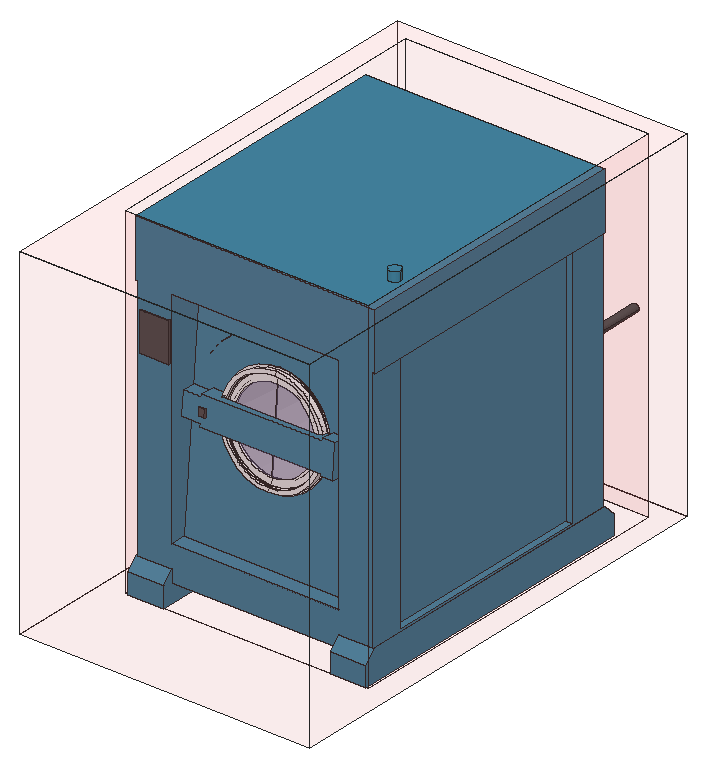
Revit family "Washer_Milnor_170lb-Capacity_42032X7R", category Mechanical Equipment, Revit 2026
Family settings
  Round Connector Dimension = Use Diameter
  Part Type = Normal
  Classification Number = 23.45.70.11.14.11
  Work Plane-Based = Yes
  Always vertical = No
  Cut with Voids When Loaded = No
  Maintain Annotation Orientation = No
  Shared = No
  Room Calculation Point = No
Parameters (values of type "4232x7Cb2014077d")
  doorgas = Door Opening + 0' 2 1/2"  # 2' - 4 1/2"
  Warranty Duration (Years) = 5
  Voltage_MEP = 44.5935 V
  Vibration Frequency = 0
  Unit Width = 5' - 2 29/32"
  Unit Weight = 4950
  Unit Height = 7' - 4 3/4"
  Unit Depth = 7' - 6 15/32"
  URL = "http://www.milnor.com/"
  Suspension Type = "Suspended"
  Standard Soap Chute = no
  Specification = "https://www.arcat.com/sd/clients/pellerin.html"
  SpecWizard = "https://www.arcat.com/specwizard/11110pmc/index04.htm"
  Send Message = "http://www.arcat.com/users.pl?action=UserEmail&company=Pellerin+Milnor+Corp.&coid=34740&rep=108&fax=504-468-3094&mf="
  Sales Information = "http://www.milnor.com/contact_us.aspx"
  Revision = "R1_08-2018"
  Product Properties = "https://www.arcat.com/arcatcos/cos34/arc34740.html"
  Product Data = "http://www.arcat.com/arcatcos/cos34/arc34740.html"
  Phase = 3
  Number of Poles = 1
  Model = "4232x7Cb2014077d"
  Manufacturer Website = "http://www.milnor.com/"
  Manufacturer Phone - Toll Free = "800-469-8780"
  Manufacturer Phone = "504-467-9591"
  Manufacturer Fax = "504-468-3094"
  Manufacturer Address = "700 Jackson St.   Kenner, LA 70062"
  Manufacturer = "Pellerin Milnor Corp"
  Maintenance Schedule (Months) = 0
  MEP Amperage = 21 A
  Keynote = "11110"
  Interior Finish [instance] = Metal - Stainless Steel - Milnor - as Specified
  Installation-Fabrication = "https://www.arcat.com/catalogs/pellerin/pellerin.html"
  Installation Phase = ""
  Green Building-LEED = "https://www.arcat.com/green/green_building.shtml"
  Frequency = 60 Hz
  Extraction G-Force = "300 Gs"
  Expected Lifespan (Years) = 12
  Dynamic Load = 0.00 kip
  Drawn By = "Sumex Design, Inc. / Robert S. Weygant, CSI, CDT, SCIP"
  Door Opening = 2' - 2"
  Door Opening Depth = 2' - 5 9/32"
  Door Glazing [instance] = Glazing - Milnor - as Specified
  Door Finish [instance] = Metal - Stainless Steel - Milnor - Powder Coat as Specified
  Clearance Visible [instance] = yes
  Cabinet Front Doodads [instance] = Paint - Milnor - Black
  Description = "Milnor Commercial Washer Extractor"
  Default Elevation = 4' - 0"
  Cylinder Volume = 0.00 CF
  Cylinder Diameter = 3' - 6"
  Cylinder Depth = 2' - 2"
  Door Base from FF = 2' - 7 215/256"
  Copyright = "©Arcat Inc."
  Construction Details = "https://www.arcat.com/catalogs/pellerin/pellerin.html"
  Capacity = "170 lb"
  Cabinet Finish [instance] = Paint - Milnor - Blue
  Assembly Code = "E1010610"
  5 Compartment Supply = yes
Reference planes (in)
  plane 1 "Center (Front/Back)": y = 0
  plane 2 "Bottom": z = 0
  plane 3 "Center (Left/Right)": x = 0
  plane 4 "Front": y = -42.23438
  plane 5 "Left": x = -31.45312
  plane 6 "Right": x = 31.45313
  plane 7 "Top": z = 88.75
  plane 8: y = -68.76563
  plane 9 "Y": y = -39.48438
  plane 10: z = 45
  plane 11: y = 48.23437
  plane 12: y = 37.76562
  plane 13: x = -30.75
  plane 14: y = 7.95881
  plane 15: y = -23.3125
  plane 16: y = 16.16186
  plane 17: y = 16.28686
  plane 18: y = -9
  plane 19: y = -9.125
  plane 20: y = 6.96486
  plane 21: y = -0.53514
Forms (in)
  Extrusion 1, solid, material "Paint - Milnor - Blue" <- "Cabinet Finish"
    sketch origin (0, -5.07467, 0) x (0, 1, 0) y (0, 0, 1)
      loop
        line (-37.15971, 0) -> (42.84029, 0) -> (42.84029, 5.17157) -> (40.01187, 8) -> (-34.33128, 8) -> (-37.15971, 5.17157) -> (-37.15971, 0)
    from 21.5625 to 30.75
  Extrusion 2, solid, material "Paint - Milnor - Blue" <- "Cabinet Finish"
    sketch origin (0, -5.07467, 0) x (0, 1, 0) y (0, 0, -1)
      loop
        line (-37.15971, 0) -> (-37.15971, -5.17157) -> (-34.33128, -8) -> (40.01187, -8) -> (42.84029, -5.17157) -> (42.84029, 0) -> (-37.15971, 0)
    from 21.5625 to 30.75
  Extrusion 3, solid, material "Paint - Milnor - Blue" <- "Cabinet Finish"
    sketch origin (0, -5.07467, 0) x (1, 0, 0) y (0, 0, 1)
      loop
        line (-30.95313, 86.49195) -> (-30.95313, 71.62475) -> (-30.38728, 71.62475) -> (-30.38728, 4.75) -> (30.41865, 4.75) -> (30.41865, 71.62475) -> (30.95312, 71.62475) -> (30.95312, 86.49195) -> (-30.95313, 86.49195)
      loop
        line (-21.72873, 71.62475) -> (-21.72873, 13.75) -> (21.52127, 13.75) -> (21.52127, 71.62475) -> (-21.72873, 71.62475)
    from -39.80904 to 34.4375
  Extrusion 4, solid, material "Paint - Milnor - Blue" <- "Cabinet Finish"
    sketch origin (0, -5.07467, 0) x (0, 1, 0) y (0, 0, 1)
      loop
        line (-31.06823, 6.82843) -> (39.31553, 6.82843) -> (39.31553, 15.82843) -> (36.37255, 15.82843) -> (36.37255, 71.62475) -> (-25.39929, 71.62475) -> (-31.06823, 6.82843)
    from -21.72873 to 21.52127
  Extrusion 5, void
    sketch origin (30.41865, -5.07467, 54.60752) x (0, 0, 1) y (0, 1, 0)
      loop
        line (16.63443, -25.6875) -> (16.63443, 30.18558) -> (-46.375, 30.18558) -> (-46.375, -25.6875) -> (16.63443, -25.6875)
    from 2 to 0
  Extrusion 6, void
    sketch origin (-30.38728, -5.07467, 54.60752) x (0, 0, 1) y (0, -1, 0)
      loop
        line (16.63443, 25.6875) -> (-46.375, 25.6875) -> (-46.375, -30.18558) -> (16.63443, -30.18558) -> (16.63443, 25.6875)
    from 2 to 0
  Extrusion 7, solid, material "Metal - Stainless Steel - Milnor - Powder Coat as Specified" <- "Door Finish"
    sketch origin (0, -36.07369, 7.61948) x (0, 0.087156, 0.996195) y (-1, 0, 0)
      loop
        circle (37.42799, 0) r 14
    from 0 to 0.25
  Revolve 8, void
    sketch origin (0, -6.82467, 0.0625) x (0, 1, 0) y (0, 0, 1)
      loop
        line (-28.33485, 45.25517) -> (6.65641, 42.19383) -> (8.48668, 63.11392) -> (-23.39155, 65.90291) -> (-24.0888, 57.93335) -> (-27.20183, 58.2057) -> (-28.33485, 45.25517)
      axis (-28.33485, 45.25517) -> (6.65641, 42.19383)
    angle from 0 to 360
  Extrusion 9, solid, material "Paint - Milnor - Black" <- "Cabinet Front Doodads"
    sketch origin (0, -39.51217, 0) x (1, 0, 0) y (0, 0, 1)
      loop
        line (-29.75, 65.37475) -> (-29.75, 55.20166) -> (-22.25, 55.20166) -> (-22.25, 65.37475) -> (-29.75, 65.37475)
    from 0 to 0.33794
  Extrusion 10, solid, material "Paint - Milnor - Blue" <- "Cabinet Finish"
    sketch origin (0, -5.07467, 0) x (1, 0, 0) y (0, 1, 0)
      loop
        circle (26, -21.90971) r 1.5
    from 86.49195 to 88.75
  Revolve 11, solid, material "Metal - Stainless Steel - Milnor - Powder Coat as Specified" <- "Door Finish"
    sketch origin (0, -5.07467, 0.75) x (0, 1, 0) y (0, 0, 1)
      loop
        line (-26.81448, 56.40807) -> (-27.27243, 56.44813) -> (-27.42495, 54.70479) -> (-26.967, 54.66473) -> (-26.81448, 56.40807)
      axis (-28.34329, 44.20809) -> (-27.88535, 44.16803)
    angle from 0 to 360
  Revolve 12, solid, material "Glazing - Milnor - as Specified" <- "Door Glazing"
    sketch origin (0, -5.07467, 0) x (0, 1, 0) y (0, 0, 1)
      loop
        line (-27.88535, 44.91803) -> (-26.91959, 55.95664) -> (-27.20928, 55.98198) -> (-28.17503, 44.94337) -> (-27.88535, 44.91803)
      axis (-28.17503, 44.94337) -> (-27.88535, 44.91803)
    angle from 0 to 360
  Extrusion 13, solid, material "Paint - Milnor - Black"
    sketch origin (0, -5.07467, 0) x (1, 0, 0) y (0, 0, 1)
      loop
        circle (27.875, 47.25) r 0.375
      loop
        circle (27.875, 40.25) r 0.625
      loop
        circle (27.875, 33.25) r 0.625
      loop
        circle (27.875, 26.25) r 0.625
      loop
        circle (27.875, 19.25) r 0.375
    from -41.94686 to -35.07467
  Extrusion 14, solid, material "Paint - Milnor - Black"
    sketch origin (0, -5.07467, 0) x (1, 0, 0) y (0, 0, 1)
      loop
        circle (-7.4375, 10.0625) r 1.5
    from -39.31553 to -23.49152
  Extrusion 15, solid, material "Paint - Milnor - Black"
    sketch origin (0, -5.07467, 0) x (1, 0, 0) y (0, 0, 1)
      loop
        circle (27.875, 47.25) r 1
    from -53.30904 to -41.94686
  Extrusion 16, solid, material "Paint - Milnor - Black"
    sketch origin (0, -5.07467, 0) x (1, 0, 0) y (0, 0, 1)
      loop
        circle (-25.40625, 60.71875) r 0.25
    from -33.70566 to -32.80904
  Revolve 17, solid, material "Metal - Stainless Steel - Milnor - Powder Coat as Specified" <- "Door Finish"
    sketch origin (0, -3.01563, 0) x (0, 1, 0) y (0, 0, 1)
      loop
        line (-29.60147, 57.47271) -> (-29.44076, 57.2077) -> (-28.72514, 57.14509) -> (-28.61619, 58.39033) -> (-30.11048, 58.52106) -> (-30.19764, 57.52487) -> (-29.60147, 57.47271)
      axis (-31.29029, 45.03578) -> (-29.796, 44.90505)
    angle from 0 to 360
  Extrusion 18, solid, material "Paint - Milnor - Blue" <- "Cabinet Finish"
    sketch origin (0, -35.44181, 14.84189) x (0, 0.087156, 0.996195) y (-1, 0, 0)
      loop
        line (33.9585, 16.43187) -> (33.2085, 16.43187) -> (33.2085, 21.25) -> (27.2085, 21.25) -> (27.2085, 16.43187) -> (26.4585, 16.43187) -> (26.4585, -14.65528) -> (25.9585, -14.65528) -> (25.9585, -17.83493) -> (34.4585, -17.83493) -> (34.4585, -14.65528) -> (33.9585, -14.65528) -> (33.9585, 16.43187)
    from 0 to 3.72832
  Extrusion 19, solid, material "Paint - Milnor - Black" <- "Cabinet Front Doodads"
    sketch origin (0, -39.15594, 15.16684) x (0, 0.087156, 0.996195) y (-1, 0, 0)
      loop
        line (30.91177, 16.76902) -> (28.91177, 16.76902) -> (28.91177, 15.26902) -> (30.91177, 15.26902) -> (30.91177, 16.76902)
    from 0 to 0.4192
  Extrusion 20, solid, material "Paint - Milnor - Black" <- "Cabinet Front Doodads", visible <- "Standard Soap Chute"
    sketch origin (-5.38728, -0.01562, 4.5) x (0, 1, 0) y (0, 0, 1)
      loop
        line (0.21875, 54.375) -> (0.21875, 50.375) -> (6.21875, 50.375) -> (6.21875, 54.375) -> (0.21875, 54.375)
    from -23.52486 to -24.33761
  Extrusion 21, solid, material "Paint - Milnor - Black" <- "Cabinet Front Doodads", visible <- "Standard Soap Chute"
    sketch origin (-5.38728, -0.01562, 4.5) x (0, 1, 0) y (0, 0, 1)
      loop
        line (-0.51951, 55.39827) -> (-0.51951, 46.64827) -> (6.98049, 46.64827) -> (6.98049, 55.39827) -> (-0.51951, 55.39827)
    from -23 to -23.52486
  Extrusion 22, solid, material "ARCAT Clearance", visible <- "Clearance Visible"
    sketch origin (-44.45313, -32.57812, 0) x (1, 0, 0) y (0, 1, 0)
      loop
        line (7, 85.8125) -> (7, -36.1875) -> (81.90625, -36.1875) -> (81.90625, 85.8125) -> (7, 85.8125)
      loop
        line (13, -9.65625) -> (75.90625, -9.65625) -> (75.90625, 80.8125) -> (13, 80.8125) -> (13, -9.65625)
    from 0 to 88.75
  Extrusion 23, solid, material "Paint - Milnor - Black", visible <- "5 Compartment Supply"
    sketch origin (-5.45313, 0, 12.12504) x (1, 0, 0) y (0, 0, 1)
      loop
        line (-35, 64.85752) -> (-35, 54.85752) -> (-27, 54.85752) -> (-27, 64.85752) -> (-35, 64.85752)
    from -16.16186 to 9
  Extrusion 24, solid, material "Paint - Milnor - Black", visible <- "5 Compartment Supply"
    sketch origin (-5.45313, 0, 12.12504) x (1, 0, 0) y (0, 0, 1)
      loop
        line (-31, 64.85752) -> (-31, 56.85752) -> (-25.5, 62.35752) -> (-25.5, 69.85752) -> (-26, 69.85752) -> (-31, 64.85752)
    from 9 to 9.125
  Extrusion 25, solid, material "Paint - Milnor - Black", visible <- "5 Compartment Supply"
    sketch origin (-5.45313, 7.16186, 12.12504) x (1, 0, 0) y (0, 0, -1)
      loop
        line (-31, -64.85752) -> (-26, -69.85752) -> (-25.5, -69.85752) -> (-25.5, -62.35752) -> (-31, -56.85752) -> (-31, -64.85752)
    from 9 to 9.125
  Extrusion 26, solid, material "Paint - Milnor - Black", visible <- "5 Compartment Supply"
    sketch origin (-5.45313, 0, 12.12504) x (1, 0, 0) y (0, 0, 1)
      loop
        line (-27, 54.85752) -> (-35, 54.85752) -> (-29, 48.10752) -> (-27, 48.10752) -> (-23, 46.64827) -> (-23, 48.39827) -> (-27, 49.85752) -> (-27, 54.85752)
    from -6.96486 to 0.53514
Cuts and joins
  Extrusion 5, Extrusion 6 cuts Extrusion 3
  Revolve 8 cuts Extrusion 4
  joined: Extrusion 1, Extrusion 2, Extrusion 3, Extrusion 4
  Revolve 8 cuts Extrusion 18
  Revolve 8 cuts Extrusion 7
Lines and regions (in)
  symbolic lines, style "MechanicalEquipmentHiddenLines"
    curve 1: line (14.20313, -68.76563, 0) -> (14.20313, -34.62821, 0)
    curve 2: line (-20.45312, 28.11587, 0) -> (-20.45312, 53.23437, 0)
    curve 3: line (20.79063, 28.11587, 0) -> (20.79063, 53.23437, 0)
    curve 4: line (-20.45312, 53.23437, 0) -> (20.79063, 53.23437, 0)
    curve 5: arc (14.20313, -68.76563, 0) -> (-9.44265, -58.97122, 0) -> (-19.23705, -35.32545, 0) r 33.44017
    curve 6: spline (0, -48.99448, 31.5505) -> (0, -52.49806, 32.01) -> (0, -55.76288, 33.35718) -> (0, -58.56644, 35.50025) -> (0, -60.71769, 38.29314) -> (0, -62.07002, 41.54553) -> (0, -62.53127, 45.03578) -> (0, -62.07002, 48.52603) -> (0, -60.71769, 51.77842) -> (0, -58.56644, 54.57132) -> (0, -55.76288, 56.71438) -> (0, -52.49806, 58.06156) -> (0, -48.99448, 58.52106)
    curve 7: spline (0, -48.99448, 58.52106) -> (0, -45.4909, 58.06156) -> (0, -42.22608, 56.71438) -> (0, -39.42252, 54.57132) -> (0, -37.27127, 51.77842) -> (0, -35.91894, 48.52603) -> (0, -35.45769, 45.03578) -> (0, -35.91894, 41.54553) -> (0, -37.27127, 38.29314) -> (0, -39.42252, 35.50025) -> (0, -42.22608, 33.35718) -> (0, -45.4909, 32.01) -> (0, -48.99448, 31.5505)
    curve 8: line (0, -34.0501, 49.34271) -> (0, -67.96728, 51.71443)
    curve 9: line (0, -34.59395, 40.81529) -> (0, -68.56332, 43.19066)
    curve 10: line (0, -67.96728, 51.71443) -> (0, -68.56332, 43.19066)
    curve 11: line (0, 34.63099, 76.75) -> (0, 51.65033, 82.61023)
    curve 12: arc (0, 51.65033, 82.61023) -> (0, 49.80993, 65.78729) -> (0, 34.63099, 58.3041) r 17.5884
Dimensions and locks (in)
  equal spacing: plane 5 "Left", plane 3 "Center (Left/Right)", plane 6 "Right"
  "Unit Width": plane 5 "Left" to plane 6 "Right"
  "Unit Height": plane 7 "Top" to level
  "Door Opening Depth": plane 9 "Y" to plane 8
  locked: plane 4 "Front" to plane 9 "Y" at 2.75
  Revolve 8 sketch curve to Revolve 8 sketch curve = 1' - 9"
  Extrusion 10 sketch curve to plane 9 "Y" = 1' - 0 1/2"
  plane 3 "Center (Left/Right)" to Extrusion 14 sketch curve = 0' - 7 7/16"
  Extrusion 14 sketch curve to level = 0' - 10 1/16"
  Extrusion 16 sketch curve to level = 5' - 0 23/32"
  plane 3 "Center (Left/Right)" to Extrusion 16 sketch curve = 2' - 1 13/32"
  Extrusion 13 sketch curve to level = 2' - 9 1/4"
  Extrusion 13 sketch curve to level = 3' - 4 1/4"
  Extrusion 13 sketch curve to level = 3' - 11 1/4"
  Extrusion 15 sketch curve to plane 3 "Center (Left/Right)" = 2' - 3 7/8"
  plane 12 to plane 17 to plane 16 = 1' - 9.47877" locked, 0' - 0 1/8" locked
  plane 14 to plane 1 "Center (Front/Back)" to plane 21 to plane 15 to plane 9 "Y" = 0' - 7.95881" locked, 0' - 0 137/256" locked, 1' - 10 199/256" locked, 1' - 4 11/64" locked
  aligned and locked: Extrusion 23 to plane 16
  aligned and locked: plane 17 to Extrusion 25
  aligned and locked: plane 16 to Extrusion 25
  aligned and locked: plane 19 to Extrusion 24
  aligned and locked: plane 18 to Extrusion 23
  aligned and locked: Extrusion 24 to plane 18
  aligned and locked: Extrusion 26 to plane 20
  aligned and locked: plane 21 to Extrusion 26
  aligned and locked: Extrusion 21 to plane 20
  aligned and locked: plane 21 to Extrusion 21
Automatic sketch dimensions
  curve 1 to plane 8 = 0' - 0"
  plane 11 to curve 4 = 0' - 5"
  curve 4 to plane 13 = 0' - 10 19/64"
  plane 9 "Y" to curve 5 = 0' - 4.15892"
  curve 5 to plane 13 = 0' - 11.51295"
  curve 3 to plane 6 "Right" = 0' - 10.6625"
  curve 5 to curve 1 = 0' - 0.69725"
  plane 12 to curve 2 = 0' - 9.64976"
  plane 12 to curve 3 = 0' - 9.64976"
  plane 8 to curve 10 = 0' - 0.20231"
  plane 8 to curve 10 = 0' - 0.79835"
  curve 6 to plane 4 "Front" = 0' - 6.76011"
  plane 10 to curve 6 = 0' - 0.03578"
  plane 9 "Y" to curve 6 = 0' - 4.02669"
  curve 7 to curve 6 = 0' - 0"
  curve 6 to curve 9 = 0' - 0.86374"
  curve 6 to curve 8 = 0' - 1.40759"
  plane 12 to curve 11 = 0' - 3.13463"
  plane 12 to curve 12 = 0' - 3.13463"
  curve 11 to curve 12 = 0' - 0.77136"
  plane 11 to curve 12 = 0' - 3.41595"
  curve 9 to plane 10 = 0' - 1.80934"
  curve 9 to curve 6 = 0' - 4.22049"
  curve 6 to plane 10 = 1' - 1.4495"
  plane 10 to curve 12 = 1' - 1.3041"
  curve 12 to plane 7 "Top" = 1' - 0.87442"
  curve 12 to curve 11 = 0' - 0.87442"
  Extrusion 1 sketch curve to plane 4 "Front" = 0' - 0"
  Extrusion 1 sketch curve to plane 12 = 0' - 0"
  Extrusion 1 sketch curve to level = 0' - 0"
  plane 9 "Y" to Extrusion 1 sketch curve = 0' - 0.07843"
  plane 12 to Extrusion 1 sketch curve = 0' - 2.82843"
  level to Extrusion 1 sketch curve = 0' - 5.17157"  (x2)
  Extrusion 1 sketch curve to Extrusion 1 sketch curve = 0' - 2.82843"
  Extrusion 2 sketch curve to plane 4 "Front" = 0' - 0"
  Extrusion 2 sketch curve to plane 12 = 0' - 0"
  Extrusion 2 sketch curve to level = 0' - 0"
  plane 9 "Y" to Extrusion 2 sketch curve = 0' - 0.07843"
  plane 12 to Extrusion 2 sketch curve = 0' - 2.82843"
  Extrusion 2 sketch curve to Extrusion 2 sketch curve = 0' - 5.17157"
  level to Extrusion 2 sketch curve = 0' - 5.17157"
  Extrusion 2 sketch curve to Extrusion 2 sketch curve = 0' - 2.82843"
  plane 13 to Extrusion 3 sketch curve = 0' - 0 13/64"
  Extrusion 3 sketch curve to plane 13 = 0' - 0.36272"
  Extrusion 3 sketch curve to Extrusion 3 sketch curve = 0' - 8.65855"
  Extrusion 3 sketch curve to plane 6 "Right" = 0' - 9.93185"
  Extrusion 3 sketch curve to plane 6 "Right" = 0' - 1.03447"
  Extrusion 3 sketch curve to plane 6 "Right" = 0' - 0 1/2"
  level to Extrusion 3 sketch curve = 0' - 4 3/4"
  Extrusion 3 sketch curve to Extrusion 3 sketch curve = 0' - 9"
  Extrusion 3 sketch curve to plane 7 "Top" = 1' - 5.12525"  (x2)
  Extrusion 3 sketch curve to Extrusion 3 sketch curve = 0' - 0"
  Extrusion 3 sketch curve to plane 7 "Top" = 0' - 2.25805"
  plane 9 "Y" to Extrusion 4 sketch curve = 0' - 3.34148"
  plane 9 "Y" to Extrusion 4 sketch curve = 0' - 9.01042"
  plane 12 to Extrusion 4 sketch curve = 0' - 6.46774"
  plane 12 to Extrusion 4 sketch curve = 0' - 3.52476"
  level to Extrusion 4 sketch curve = 0' - 6.82843"
  Extrusion 4 sketch curve to Extrusion 4 sketch curve = 0' - 9"
  Extrusion 4 sketch curve to plane 7 "Top" = 1' - 5.12525"
  Extrusion 5 sketch curve to Extrusion 3 = 0' - 3.48252"
  Extrusion 3 to Extrusion 5 sketch curve = 0' - 0 49/128"
  Extrusion 5 sketch curve to Extrusion 3 = 0' - 8 3/4"
  Extrusion 5 sketch curve to Extrusion 3 = 0' - 9.62346"
  Extrusion 3 to Extrusion 6 sketch curve = 0' - 3.48252"
  Extrusion 6 sketch curve to Extrusion 3 = 0' - 0 49/128"
  Extrusion 6 sketch curve to Extrusion 3 = 0' - 9.62346"
  Extrusion 6 sketch curve to Extrusion 3 = 0' - 8 3/4"
  Extrusion 7 sketch curve to Extrusion 4 = 2' - 2.82177"
  Extrusion 4 to Extrusion 7 sketch curve = 1' - 9.52127"
  plane 10 to Revolve 8 sketch curve = 0' - 0.31767"
  plane 9 "Y" to Revolve 8 sketch curve = 0' - 4.32485"
  plane 9 "Y" to Revolve 8 sketch curve = 0' - 5.45788"
  plane 10 to Revolve 8 sketch curve = 0' - 0.11068"
  Revolve 8 sketch curve to Revolve 8 sketch curve = 0' - 2.36589"
  Revolve 8 sketch curve to Revolve 8 sketch curve = 0' - 3.11303"
  level to Revolve 8 sketch curve = 5' - 5.96541"
  Revolve 8 sketch curve to plane 10 = 0' - 1.8939"
  plane 1 "Center (Front/Back)" to Revolve 8 sketch curve = 0' - 9.88116"
  plane 1 "Center (Front/Back)" to Revolve 8 sketch curve = 0' - 0.16826"
  Extrusion 9 sketch curve to Extrusion 3 = 0' - 0.63728"
  Extrusion 9 sketch curve to Extrusion 3 = 0' - 0.52127"
  Extrusion 3 to Extrusion 9 sketch curve = 1' - 4.42309"
  Extrusion 3 to Extrusion 9 sketch curve = 0' - 6 1/4"
  Extrusion 10 sketch curve to plane 6 "Right" = 0' - 5 29/64"
  plane 9 "Y" to Revolve 11 sketch curve = 0' - 6.98476"
  Revolve 11 sketch curve to Revolve 11 sketch curve = 0' - 0.15252"
  Revolve 11 sketch curve to Revolve 11 sketch curve = 0' - 0.45795"
  Revolve 11 sketch curve to plane 10 = 0' - 0.20032"
  plane 9 "Y" to Revolve 11 sketch curve = 0' - 7.87708"
  Revolve 11 sketch curve to plane 10 = 0' - 1.05009"
  Revolve 11 sketch curve to Revolve 11 sketch curve = 0' - 9.7129"
  plane 10 to Revolve 11 sketch curve = 0' - 10.41473"
  Revolve 11 sketch curve to Revolve 11 sketch curve = 0' - 0.04007"
  Revolve 12 sketch curve to plane 10 = 0' - 0.05663"
  plane 9 "Y" to Revolve 12 sketch curve = 0' - 6.23468"
  Revolve 12 sketch curve to plane 10 = 0' - 0.08197"
  Revolve 12 sketch curve to Revolve 12 sketch curve = 0' - 0.28968"
  Revolve 12 sketch curve to plane 10 = 0' - 0.11724"
  Revolve 12 sketch curve to Revolve 12 sketch curve = 0' - 0.40312"
  plane 9 "Y" to Revolve 12 sketch curve = 0' - 7.20043"
  Revolve 12 sketch curve to plane 10 = 0' - 0.74912"
  Revolve 12 sketch curve to Revolve 12 sketch curve = 0' - 7.22241"
  Extrusion 13 sketch curve to plane 6 "Right" = 0' - 3 37/64"  (x5)
  Extrusion 13 sketch curve to Extrusion 13 sketch curve = 0' - 7"  (x2)
  plane 10 to Extrusion 15 sketch curve = 0' - 2 1/4"
  plane 10 to Revolve 17 sketch curve = 0' - 0.03578"
  plane 9 "Y" to Revolve 17 sketch curve = 0' - 5.17846"
  plane 9 "Y" to Revolve 17 sketch curve = 0' - 6.27111"
  Revolve 17 sketch curve to Revolve 17 sketch curve = 0' - 0.08716"
  Revolve 17 sketch curve to Revolve 17 sketch curve = 0' - 0.59617"
  Revolve 17 sketch curve to Revolve 17 sketch curve = 0' - 0.16071"
  Revolve 17 sketch curve to Revolve 17 sketch curve = 0' - 0.71562"
  Revolve 17 sketch curve to Revolve 17 sketch curve = 0' - 0.10894"
  Revolve 17 sketch curve to plane 10 = 0' - 1.07545"
  Revolve 17 sketch curve to Revolve 17 sketch curve = 1' - 0.70148"
  plane 10 to Revolve 17 sketch curve = 1' - 0.14509"
  Revolve 17 sketch curve to Revolve 17 sketch curve = 0' - 0.06261"
  Extrusion 4 to Extrusion 18 sketch curve = 0' - 3.68635"
  Extrusion 18 sketch curve to Extrusion 4 = 2' - 7.04126"
  Extrusion 18 sketch curve to Extrusion 18 sketch curve = 0' - 0 1/2"  (x2)
  Extrusion 18 sketch curve to Extrusion 18 sketch curve = 0' - 0 3/4"  (x2)
  Extrusion 4 to Extrusion 18 sketch curve = 0' - 0.47873"
  Extrusion 18 sketch curve to Extrusion 18 sketch curve = 0' - 6"
  Extrusion 18 sketch curve to Extrusion 18 sketch curve = 0' - 3.17964"  (x2)
  Extrusion 18 sketch curve to Extrusion 18 sketch curve = 0' - 4.81813"  (x2)
  Extrusion 18 to Extrusion 19 sketch curve = 0' - 0.33715"
  Extrusion 19 sketch curve to Extrusion 18 = 0' - 1.70327"
  Extrusion 19 sketch curve to Extrusion 19 sketch curve = 0' - 2"
  Extrusion 19 sketch curve to Extrusion 18 = 0' - 1.16285"
  Extrusion 20 sketch curve to plane 1 "Center (Front/Back)" = 0' - 0 13/64"
  Extrusion 20 sketch curve to Extrusion 20 sketch curve = 0' - 6"
  plane 10 to Extrusion 20 sketch curve = 0' - 9 7/8"
  Extrusion 20 sketch curve to Extrusion 20 sketch curve = 0' - 4"
  plane 1 "Center (Front/Back)" to Extrusion 21 sketch curve = 0' - 0 137/256"
  Extrusion 21 sketch curve to Extrusion 21 sketch curve = 0' - 7 1/2"
  plane 10 to Extrusion 21 sketch curve = 0' - 6.14827"
  Extrusion 21 sketch curve to Extrusion 21 sketch curve = 0' - 8 3/4"
  Extrusion 22 sketch curve to plane 8 = 0' - 0"
  Extrusion 22 sketch curve to plane 4 "Front" = 0' - 0"
  Extrusion 22 sketch curve to plane 5 "Left" = 0' - 0"
  Extrusion 22 sketch curve to plane 6 "Right" = 0' - 0"
  Extrusion 22 sketch curve to plane 11 = 0' - 0"
  Extrusion 22 sketch curve to plane 5 "Left" = 0' - 6"
  plane 6 "Right" to Extrusion 22 sketch curve = 0' - 6"
  plane 11 to Extrusion 22 sketch curve = 0' - 5"
  Extrusion 23 sketch curve to plane 5 "Left" = 0' - 9"
  Extrusion 23 sketch curve to plane 5 "Left" = 0' - 1"
  Extrusion 23 sketch curve to plane 7 "Top" = 1' - 9.76744"
  Extrusion 23 sketch curve to Extrusion 23 sketch curve = 0' - 10"
  Extrusion 24 sketch curve to plane 5 "Left" = 0' - 0"
  Extrusion 24 sketch curve to plane 5 "Left" = 0' - 5"
  plane 13 to Extrusion 24 sketch curve = 0' - 0 13/64"
  Extrusion 24 sketch curve to plane 7 "Top" = 1' - 7.76744"
  Extrusion 24 sketch curve to Extrusion 24 sketch curve = 0' - 5 1/2"
  Extrusion 24 sketch curve to Extrusion 24 sketch curve = 0' - 2 1/2"
  Extrusion 24 sketch curve to plane 7 "Top" = 0' - 6.76744"
  Extrusion 25 sketch curve to plane 5 "Left" = 0' - 0"
  Extrusion 25 sketch curve to plane 5 "Left" = 0' - 5"
  plane 13 to Extrusion 25 sketch curve = 0' - 0 13/64"
  Extrusion 25 sketch curve to plane 7 "Top" = 0' - 6.76744"
  Extrusion 25 sketch curve to Extrusion 25 sketch curve = 0' - 5"
  Extrusion 25 sketch curve to Extrusion 25 sketch curve = 0' - 2 1/2"
  Extrusion 25 sketch curve to Extrusion 25 sketch curve = 0' - 5 1/2"
  Extrusion 26 sketch curve to plane 5 "Left" = 0' - 9"
  Extrusion 26 sketch curve to plane 5 "Left" = 0' - 3"
  Extrusion 26 sketch curve to plane 5 "Left" = 0' - 1"  (x2)
  Extrusion 26 sketch curve to plane 13 = 0' - 2 19/64"
  plane 10 to Extrusion 26 sketch curve = 1' - 1.77331"
  Extrusion 26 sketch curve to Extrusion 26 sketch curve = 0' - 1.45925"
  Extrusion 26 sketch curve to Extrusion 26 sketch curve = 0' - 1 3/4"  (x2)
  Extrusion 26 sketch curve to Extrusion 26 sketch curve = 0' - 6 3/4"
  radius of Extrusion 7 sketch curve = 1' - 2"
  radius of Extrusion 10 sketch curve = 0' - 1 1/2"
  radius of Extrusion 13 sketch curve = 0' - 0 3/8"  (x2)
  radius of Extrusion 13 sketch curve = 0' - 0 5/8"  (x3)
  radius of Extrusion 14 sketch curve = 0' - 1 1/2"
  radius of Extrusion 15 sketch curve = 0' - 1"
  radius of Extrusion 16 sketch curve = 0' - 0 1/4"
Connectors (in)
  piping at (-7.4375, 34.24086, 10.0625), diameter 3
    settings: on Extrusion 14, index 10, connector inside diameter 3", connector length 0' - 0", flow factor 0, pipe flow 0 GPM, pressure drop 0.00 psi, fitting loss kfactor 0, connector angle 0.00°, fixture units 0, engagement length 0' - 0", angle of deflection 0.00°, flow configuration 0, flow direction 2, fitting loss method 0, system type 16, joint type 0, gender type 0, connector reference index -1, connector utility 0, adjustable connector no, is connector primary yes, connector description ""
  piping at (27.875, 48.23437, 47.25), diameter 0.75
    settings: on Extrusion 15, index 11, connector inside diameter 3/4", connector length 0' - 0", flow factor 0, pipe flow 0 GPM, pressure drop 0.00 psi, fitting loss kfactor 0, connector angle 0.00°, fixture units 0, engagement length 0' - 0", angle of deflection 0.00°, flow configuration 0, flow direction 1, fitting loss method 0, system type 19, joint type 0, gender type 0, connector reference index -1, connector utility 0, adjustable connector no, is connector primary no, connector description ""
  piping at (27.875, 36.87219, 40.25), diameter 0.75
    settings: on Extrusion 13, index 12, connector inside diameter 3/4", connector length 0' - 0", flow factor 0, pipe flow 0 GPM, pressure drop 0.00 psi, fitting loss kfactor 0, connector angle 0.00°, fixture units 0, engagement length 0' - 0", angle of deflection 0.00°, flow configuration 0, flow direction 1, fitting loss method 0, system type 19, joint type 0, gender type 0, connector reference index -1, connector utility 0, adjustable connector no, is connector primary no, connector description ""
  piping at (27.875, 36.87219, 33.25), diameter 0.75
    settings: on Extrusion 13, index 13, connector inside diameter 3/4", connector length 0' - 0", flow factor 0, pipe flow 0 GPM, pressure drop 0.00 psi, fitting loss kfactor 0, connector angle 0.00°, fixture units 0, engagement length 0' - 0", angle of deflection 0.00°, flow configuration 0, flow direction 1, fitting loss method 0, system type 20, joint type 0, gender type 0, connector reference index -1, connector utility 0, adjustable connector no, is connector primary no, connector description ""
  electrical at (-25.40625, 28.63099, 60.71875)
    settings: on Extrusion 16, index 14, voltage 0 V, apparent load 0 VA, apparent load phase1 0 VA, apparent load phase2 0 VA, apparent load phase3 0 VA, power factor 1, load classification "Other", number of poles 1, system type 31, power factor state 1, is connector primary yes, connector utility no, sub classification motor no, connector description ""
